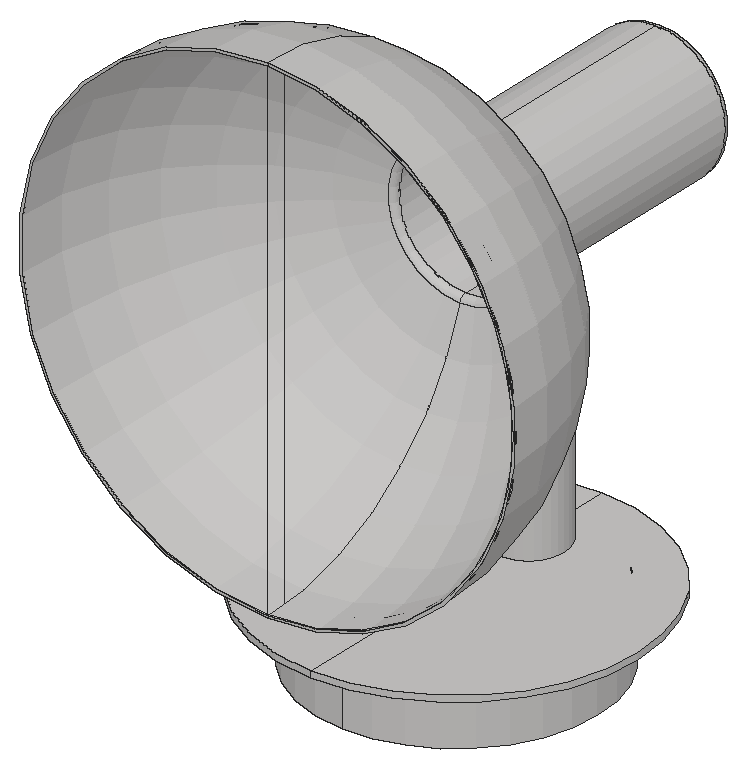
Revit family "Lighting_Outside_Nordlux_Arki", category Lighting Fixtures, host Face, Revit 2017
Family settings
  Host = Face
  Round Connector Dimension = Use Diameter
  Part Type = Normal
  OmniClass Number = 23.80.70.00
  OmniClass Title = Lighting
  Cut with Voids When Loaded = No
  Light Source = Yes
  Shared = No
  Room Calculation Point = No
Parameters (values of type "Arki - brushed steel")
  Wattage = 3.17082 W
  WarrantyStartDate [instance] = "n/a"
  WarrantyGuarantorParts = "n/a"
  WarrantyGuarantorLabor = "n/a"
  WarrantyDurationUnit = "Hours"
  WarrantyDurationParts = "n/a"
  WarrantyDurationLabor = "n/a"
  WarrantyDescription = "n/a"
  built-in parameter 1150110 = 1 (stored number, unit not read)
  VersionDate = "01/07/2020"  # constant formula
  Version = "1"  # constant formula
  UsageCurrent = 0 A
  Uniclass2015Reference = "Pr_70_70_48_85"
  Uniclass2015Description = "Surface luminaires"
  Uniclass2 = "Pr_70_70_48_85"
  URL = "https://www.nordlux.com/products/product/75181031"
  Type Comments = ""
  TotalWattage = 20 W
  built-in parameter 1114217 = 1 (stored number, unit not read)
  Tilt Angle = 90.00°
  built-in parameter 1150109 = 1 (stored number, unit not read)
  built-in parameter 1150134 = (empty or 0)
  TagNumber [instance] = "n/a"
  SustainabilityPerformance = "n/a"
  built-in parameter 1150113 = 1 (stored number, unit not read)
  Socket = "E27"
  Size = "200x260x200mm"
  Shape = "Sculptured"
  SerialNumber [instance] = "n/a"
  Revision = "1"  # constant formula
  ReplacementCost = "n/a"
  ProductInformation = "ARKI OUTDOOR is inspired by the shade of a classical architect light. It expresses simplicity and timelessness, and is therefore complementary to many different styles. Design by Bønnelycke MDD."
  Product data url = "https://www.bimobject.com/nordlux/product/arki_outdoor"
  Photometric Web File = "7518 Arki Outdoor Væg Sort.ies"
  PhaseReference = "n/a"
  PhaseAngle = 0.00°
  NumberOfSources = 0
  NumberOfPoles = 1
  built-in parameter 1150142 = "IESNA:LM-63-2002\r\n[TEST] Viso LabSpion - serial: 3247052577 sensor serial: 0408532695\r\n[TESTLAB] Viso LabSpion - serial: 3247052577 sensor serial: 0408532695 - Test lab\r\n[MANUFAC] Nordlux\r\n[ISSUEDATE] 31-05-2019\r\n[LUMINAIRE] 7518 Arki Outdoor Væg Sort\r\n[LUMCAT] B2019134\r\n[_SERIALNUMBER] VFR-190531-0334-MS\r\nTILT=NONE\r\n1 471 1 37 5 1 2 -0.2 -0.2 0.2\r\n1.0 1.0 8.30\r\n0 5 10 15 20 25 30 35 40 45 50 55 60 65 70 75 80 85 90 95 100 105 110 115 120 125 130 135 140 145 150 155 160 165 170 175 180\r\n0 90 180 270 360 \r\n134.9837 133.6482 135.0603 137.1012 138.6096 138.8996 136.3551 130.7187 122.951 113.6832 103.1874 91.6304 78.7372 65.0492 51.0247 36.3481 21.0179 8.1042 1.4494 0.3618 0.3338 0.3646 0.4373 0.4467 0.3942 0.4322 0.4174 0.4057 0.4002 0.4356\r\n 0.4099 0.3793 0.4638 0.37 0.4752 0.3874 0.3751\r\n134.9837 136.6251 138.4575 141.0294 142.7619 142.2744 138.7239 132.0254 122.1569 109.5413 94.7763 79.8837 66.5933 54.3385 42.7552 31.1897 20.1297 10.8184 4.0393 1.0276 0.5171 0.4658 0.3984 0.3338 0.353 0.3824 0.3812 0.3293 0.3468 0.4328\r\n 0.4328 0.337 0.4158 0.5034 0.4701 0.3901 0.3751\r\n134.9837 133.6482 135.0603 137.1012 138.6096 138.8996 136.3551 130.7187 122.951 113.6832 103.1874 91.6304 78.7372 65.0492 51.0247 36.3481 21.0179 8.1042 1.4494 0.3618 0.3338 0.3646 0.4373 0.4467 0.3942 0.4322 0.4174 0.4057 0.4002 0.4356\r\n 0.4099 0.3793 0.4638 0.37 0.4752 0.3874 0.3751\r\n134.9837 136.6251 138.4575 141.0294 142.7619 142.2744 138.7239 132.0254 122.1569 109.5413 94.7763 79.8837 66.5933 54.3385 42.7552 31.1897 20.1297 10.8184 4.0393 1.0276 0.5171 0.4658 0.3984 0.3338 0.353 0.3824 0.3812 0.3293 0.3468 0.4328\r\n 0.4328 0.337 0.4158 0.5034 0.4701 0.3901 0.3751\r\n134.9837 133.6482 135.0603 137.1012 138.6096 138.8996 136.3551 130.7187 122.951 113.6832 103.1874 91.6304 78.7372 65.0492 51.0247 36.3481 21.0179 8.1042 1.4494 0.3618 0.3338 0.3646 0.4373 0.4467 0.3942 0.4322 0.4174 0.4057 0.4002 0.4356\r\n 0.4099 0.3793 0.4638 0.37 0.4752 0.3874 0.3751\r\n"
  NominalWidth = 203.8 mm
  NominalVoltageCalc = 0 V
  NominalVoltage = 230 V
  NominalRadius = NominalDiameter / 2  # 100 mm
  NominalLength = 202 mm
  NominalHeight = 261.6 mm
  NominalFrequencyRange = 50 Hz
  NominalDiameter = 200 mm
  NominalCurrent = 0 A
  Name = "Nordlux_Arki"
  NBSReference = "90-60-50/405"
  NBSDescription = "General purpose luminaires"
  ModelReference = ArticleNumber  # "75181031"
  ModelNumber = "n/a"
  Model = "Arki - brushed steel"
  Material = "Metal"
  ManufacturersSpecificInformation = "n/a"
  ManufacturerURL = "https://www.nordlux.com/"
  ManufacturerName = "Nordlux"
  Manufacturer = "Nordlux"
  MaintenanceFactor = 0
  built-in parameter 1150105 = 142.76 (stored number, unit not read)
  Lumens = 471 lm
  built-in parameter 1150115 = 1 (stored number, unit not read)
  LightSource = "Not included"
  LightFixturePlacingType = "Wall"
  LightFixtureMountingType = "Surface"
  LightFixtureMainMaterial = Brushed steel
  built-in parameter 1150137 = (empty or 0)
  built-in parameter 1150139 = (empty or 0)
  LensMaterial = Opal white
  built-in parameter 1150112 = 1 (stored number, unit not read)
  built-in parameter 1150114 = 1 (stored number, unit not read)
  InsulationStandardClass = "Class 1 (Earth contact)"
  InstallationDate [instance] = "n/a"
  built-in parameter 1150132 = 2
  built-in parameter 1150102 = (empty or 0)
  built-in parameter 1150107 = 3000 (stored number, unit not read)
  built-in parameter 1150138 = (empty or 0)
  built-in parameter 1150106 = 1.4276 (stored number, unit not read)
  IfcExportType = "NOTDEFINED"  # constant formula
  IfcExportAs = "IfcLightFixtureType"  # constant formula
  IP_Code = "IP54"
  HasProtectiveEarth = no
  Grade = "n/a"
  Finish = "Galvanized steel, plastic"
  Features = "Parallel connection possible"
  ExpectedLife = "n/a"
  EnergyClass = "A++ - B"
  Emit from Circle Diameter = 50 mm
  Emit Shape Visible in Rendering = no
  ElectricalDeviceNominalPower = 0
  built-in parameter 1150104 = 13.8 (stored number, unit not read)
  EANNumber = "5701581280274"
  DurationUnit = "Hours"
  Dimming Lamp Color Temperature Shift = <None>
  Designer = "Bonnelycke MDD"
  Description = "ARKI OUTDOOR is inspired by the shade of a classical architect light. It expresses simplicity and timelessness, and is therefore complementary to many different styles. Design by Bønnelycke MDD."
  Default Elevation = 0 mm
  ConvergoRefNr = "0143-1909-0042-DK"
  Constituents = "n/a"
  Color Filter = 16777215
  Color = "Grey"
  Collection = "Arki"
  CodePerformance = "n/a"
  Category = "Outdoor lighting"
  Brand = "Nordlux"
  Barcode [instance] = "n/a"
  built-in parameter 1114218 = 1 (stored number, unit not read)
  BIMObjectName = "Lighting_Outside_Nordlux_Arki"
  Author = "Convergo AB"  # constant formula
  built-in parameter 1150133 = 10 (stored number, unit not read)
  AssetType = "Fixed"
  AssetIdentifier [instance] = "n/a"
  ArticleNumber = "75181031"
  AccessibilityPerformance = "n/a"
Types (3, lengths in mm): name | URL | ModelReference | Model | LightFixtureMainMaterial | EANNumber | Color | ArticleNumber
  (no name) | "https://www.nordlux.com/products/product/75181031" | "75181031" | "Arki - brushed steel" | Brushed steel | "5701581280274" | "Grey" | "75181031"
  Arki - black | "https://www.nordlux.com/products/product/75181003" | "75181003" | "Arki - black" | Black | "5701581280175" | "Black" | "75181003"
  Arki - brushed steel | "https://www.nordlux.com/products/product/75181031" | "75181031" | "Arki - brushed steel" | Brushed steel | "5701581280274" | "Grey" | "75181031"
Reference planes
  plane 1 "Center (Front/Back)": y = 0
  plane 2: z = 0
  plane 3 "Center (Left/Right)": x = 0
  plane 4: y = 101
  plane 5: y = -101
  plane 6: z = 261.6
  plane 7: x = 101.9
  plane 8: x = -101.9
Dimensions and locks
  equal spacing: plane 8, plane 3 "Center (Left/Right)", plane 7
  equal spacing: plane 4, plane 1 "Center (Front/Back)", plane 5
  "NominalLength": plane 4 to plane 5
  "NominalWidth": plane 8 to plane 7
  "NominalHeight": plane 6 to level
  aligned and locked: plane 2 to host face
  aligned and locked: level to host face
Automatic sketch dimensions
  host sketch curve to host sketch curve = 2438.4 mm  (x2)
Nested families
  nested 1: "Arki" at (0, 0, 0), Main <- "LightFixtureMainMaterial", type "Arki"
    with Main Brushed steel
Definition of nested family "Arki"
  Parameters (values of type "Arki")
    Main [instance] = none
    Default Elevation = 1219.2 mm
  Reference planes
    plane 1 "Center (Front/Back)": y = 0
    plane 2: z = 0
    plane 3 "Center (Left/Right)": x = 0
    plane 4: z = 261.6
    plane 5: x = -101.875
    plane 6: y = 101
    plane 7: x = 101.875
    plane 8: y = -101
  Forms (mm)
    Extrusion 1, solid
      sketch origin (0, 0, 0) x (1, 0, 0) y (0, 1, 0)
        loop
          line (-1219.2, 1219.2) -> (-1219.2, -1219.2) -> (1219.2, -1219.2) -> (1219.2, 1219.2) -> (-1219.2, 1219.2)
      from 0 to -304.8
    Revolve 2, solid, material <- "Main", detail levels medium+fine
      sketch origin (0, -101, 130.8) x (0, 0, -1) y (0, 1, 0)
        loop
          line (130.8, 96.8) -> (130.8, 154.8) -> (106.562, 154.8)
          arc (106.562, 154.8) -> (105.204, 154.255) -> (104.6, 152.923) r 1.964
          line (104.6, 152.923) -> (104.6, 171.3) -> (102.1, 171.3) -> (102.1, 96.8) -> (130.8, 96.8)
        axis (130.8, 96.8) -> (102.1, 96.8)
      angle from 0 to 360
    Revolve 3, solid, material <- "Main", detail levels medium+fine
      sketch origin (0, -101, 130.8) x (0, 0, -1) y (0, 1, 0)
        loop
          line (102.1, 133.565) -> (102.1, 148.565) -> (-14.017, 148.565) -> (-14.017, 133.565) -> (102.1, 133.565)
        axis (102.1, 133.565) -> (-14.017, 133.565)
      angle from 0 to 360
    Revolve 4, solid, material <- "Main", detail levels medium+fine
      sketch origin (0, -101, 130.8) x (0, 0, -1) y (0, 1, 0)
        loop
          arc (-58.532, 99.588) -> (-111.311, 61.884) -> (-130.8, 0.018) r 102.282
          line (-130.8, 0.018) -> (-129.8, 0.018)
          arc (-129.8, 0.018) -> (-110.507, 61.29) -> (-58.238, 98.632) r 101.282
          arc (-58.238, 98.632) -> (-56.718, 99.708) -> (-56.135, 101.477) r 2.976
          line (-56.135, 101.477) -> (-56.135, 199.021)
          arc (-56.135, 199.021) -> (-55.556, 200.42) -> (-54.156, 201) r 1.979
          line (-54.156, 201) -> (-28.891, 201) -> (-28.891, 202) -> (-54.156, 202)
          arc (-54.156, 202) -> (-56.263, 201.127) -> (-57.135, 199.021) r 2.979
          line (-57.135, 199.021) -> (-57.135, 101.477)
          arc (-57.135, 101.477) -> (-57.522, 100.303) -> (-58.532, 99.588) r 1.976
        axis (-28.891, 202) -> (-28.891, 0.018)
      angle from 0 to 360
    Revolve 5, void
      sketch origin (0, -101, 130.8) x (0, 0, -1) y (0, 1, 0)
        loop
          line (-1.598, 155.181) -> (-28.891, 155.181) -> (-28.891, 107.824) -> (-1.598, 107.824) -> (-1.598, 155.181)
        axis (-28.891, 155.181) -> (-28.891, 107.824)
      angle from 0 to 360
    Revolve 6, solid, detail levels medium+fine
      sketch origin (0, -101, 130.8) x (0, 0, -1) y (0, 1, 0)
        loop
          arc (71.966, 0) -> (71.972, 4.502) -> (71.777, 9) r 100.432
          line (71.777, 9) -> (-28.917, 9) -> (-28.917, 0) -> (71.966, 0)
        axis (-28.917, 9) -> (-28.917, 0)
      angle from 0 to 360
    Extrusion 7, solid, material <- "Main", detail levels coarse
      sketch origin (0, 0, 0) x (1, 0, 0) y (0, 0, 1)
        loop
          line (101.875, 261.6) -> (-101.875, 261.6) -> (-101.875, 0) -> (101.875, 0) -> (101.875, 261.6)
      from -101 to 100.982
  Cuts and joins
    Revolve 5 cuts Revolve 3
  Lines and regions (mm)
    symbolic lines, detail levels medium+fine
      curve 1: line (0, -62.2, 0) -> (0, 53.8, 0)
      curve 2: line (0, -78.7, 26.2) -> (0, -60.323, 26.2)
      curve 3: line (0, -78.7, 28.7) -> (0, 17.565, 28.7)
      curve 4: line (0, 101, 184.956) -> (0, 101, 134.427)
      curve 5: line (0, 53.8, 0) -> (0, 53.8, 24.238)
      curve 6: arc (0, 53.8, 24.238) -> (0, 53.255, 25.596) -> (0, 51.923, 26.2) r 1.964
      curve 7: line (0, -62.2, 0) -> (0, -62.2, 24.238)
      curve 8: arc (0, -62.2, 24.238) -> (0, -61.655, 25.596) -> (0, -60.323, 26.2) r 1.964
      curve 9: line (0, -78.7, 26.2) -> (0, -78.7, 28.7)
      curve 10: line (0, 70.3, 26.2) -> (0, 70.3, 28.7)
      curve 11: line (0, 47.565, 28.7) -> (0, 47.565, 131.398)
      curve 12: line (0, 17.565, 28.7) -> (0, 17.565, 131.398)
      curve 13: line (0, 98.021, 187.935) -> (0, 0.477, 187.935)
      curve 14: line (0, 97.972, 131.398) -> (0, 47.565, 131.398)
      curve 15: arc (0, 98.021, 187.935) -> (0, 100.127, 187.063) -> (0, 101, 184.956) r 2.979
      curve 16: arc (0, 101, 134.427) -> (0, 100.113, 132.285) -> (0, 97.972, 131.398) r 3.028
      curve 18: line (0, 17.565, 131.398) -> (0, 0.423, 131.398)
      curve 19: arc (0, -1.412, 189.332) -> (0, -39.123, 242.116) -> (0, -101, 261.6) r 102.282
      curve 20: arc (0, 0.477, 187.935) -> (0, -0.697, 188.322) -> (0, -1.412, 189.332) r 1.976
      curve 21: arc (0, -101, 57.833) -> (0, -39.075, 77.116) -> (0, -1.492, 129.975) r 101.432
      curve 22: arc (0, -1.492, 129.975) -> (0, -0.77, 131.003) -> (0, 0.423, 131.398) r 2
      curve 23: line (0, 51.923, 26.2) -> (0, 70.3, 26.2)
      curve 24: line (0, 47.565, 28.7) -> (0, 70.3, 28.7)
      curve 27: line (-101.909, -100.982, 0) -> (0, -100.982, 0)
      curve 28: arc (-101.909, -100.982, 0) -> (-94.424, -60.238, 0) -> (-71.274, -25.885, 0) r 101.435
      curve 30: line (-25.294, 101, 0) -> (0, 101, 0)
      curve 31: arc (-28.264, 98.03, 0) -> (-27.394, 100.13, 0) -> (-25.294, 101, 0) r 2.97
      curve 33: arc (-28.264, 64.731, 0) -> (-67.303, 27.746, 0) -> (-71.274, -25.885, 0) r 74.5
      curve 34: line (-28.264, 64.731, 0) -> (-28.264, 98.03, 0)
      curve 36: line (101.909, -100.982, 0) -> (0, -100.982, 0)
      curve 37: arc (101.909, -100.982, 0) -> (94.424, -60.238, 0) -> (71.274, -25.885, 0) r 101.435
      curve 39: line (25.294, 101, 0) -> (0, 101, 0)
      curve 40: arc (28.264, 98.03, 0) -> (27.394, 100.13, 0) -> (25.294, 101, 0) r 2.97
      curve 42: arc (28.264, 64.731, 0) -> (67.303, 27.746, 0) -> (71.274, -25.885, 0) r 74.5
      curve 43: line (28.264, 64.731, 0) -> (28.264, 98.03, 0)
      curve 47: line (0, 0, 0) -> (-58, 0, 0)
      curve 48: line (-58, 0, 0) -> (-58, 0, 24.301)
      curve 49: arc (-58, 0, 24.301) -> (-57.413, 0, 25.675) -> (-56.014, 0, 26.2) r 1.901
      curve 50: line (-15, 0, 28.7) -> (-15, 0, 58.893)
      curve 51: arc (0, 0, 261.6) -> (-101.631, 0, 167.212) -> (-15, 0, 58.893) r 101.909
      curve 54: line (-74.5, 0, 26.2) -> (-74.5, 0, 28.7)
      curve 55: line (-56.014, 0, 26.2) -> (-74.5, 0, 26.2)
      curve 56: line (-15, 0, 28.7) -> (-74.5, 0, 28.7)
      curve 60: line (0, 0, 0) -> (58, 0, 0)
      curve 61: line (58, 0, 0) -> (58, 0, 24.301)
      curve 62: arc (58, 0, 24.301) -> (57.413, 0, 25.675) -> (56.014, 0, 26.2) r 1.901
      curve 63: line (15, 0, 28.7) -> (15, 0, 58.893)
      curve 64: arc (0, 0, 261.6) -> (101.631, 0, 167.212) -> (15, 0, 58.893) r 101.909
      curve 66: line (74.5, 0, 26.2) -> (74.5, 0, 28.7)
      curve 67: line (56.014, 0, 26.2) -> (74.5, 0, 26.2)
      curve 68: line (15, 0, 28.7) -> (74.5, 0, 28.7)
      curve 70: line (0, -101, 261.6) -> (0, -101, 57.833)
    symbolic lines, detail levels fine
      curve 17: arc (0, 47.565, 131.398) -> (0, 32.565, 135.636) -> (0, 17.565, 131.398) r 28.663
      curve 25: line (0, 17.565, 28.7) -> (0, 47.565, 28.7)
      curve 26: line (0, -60.323, 26.2) -> (0, 51.923, 26.2)
      curve 29: line (-28.264, 0.541, 0) -> (-28.264, 64.731, 0)
      curve 32: arc (-29.718, -1.415, 0) -> (-28.667, -0.677, 0) -> (-28.264, 0.541, 0) r 2.042
      curve 35: arc (-71.274, -25.885, 0) -> (-51.971, -11.144, 0) -> (-29.718, -1.415, 0) r 101.435
      curve 38: line (28.264, 0.541, 0) -> (28.264, 64.731, 0)
      curve 41: arc (29.718, -1.415, 0) -> (28.667, -0.677, 0) -> (28.264, 0.541, 0) r 2.042
      curve 44: arc (71.274, -25.885, 0) -> (51.971, -11.144, 0) -> (29.718, -1.415, 0) r 101.435
      curve 45: line (0, 0, 28.7) -> (-15, 0, 28.7)
      curve 46: line (0, 0, 26.2) -> (-56.014, 0, 26.2)
      curve 52: arc (0, 0, 260.6) -> (-100.883, 0, 159.717) -> (0, 0, 58.834) r 100.883
      curve 53: circle (0, 0, 159.717) r 30 normal (0, -1, 0)
      curve 57: arc (-15, 0, 58.893) -> (-7.521, 0, 58.06) -> (0, 0, 57.783) r 101.909
      curve 58: line (0, 0, 28.7) -> (15, 0, 28.7)
      curve 59: line (0, 0, 26.2) -> (56.014, 0, 26.2)
      curve 65: arc (0, 0, 260.6) -> (100.883, 0, 159.717) -> (0, 0, 58.834) r 100.883
      curve 69: arc (15, 0, 58.893) -> (7.521, 0, 58.06) -> (0, 0, 57.783) r 101.909
  Dimensions and locks
    aligned and locked: plane 2 to Extrusion 1
    aligned and locked: level to Extrusion 1
